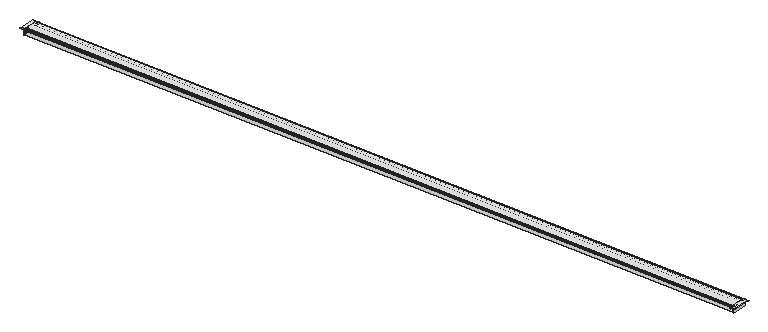
Revit family "RS2811 updated", category Lighting Fixtures, host Face, Revit 2020
Family settings
  Host = Face
  Round Connector Dimension = Use Diameter
  Part Type = Normal
  Cut with Voids When Loaded = No
  Light Source = No
  Shared = Yes
  Room Calculation Point = No
Parameters (values of type "419 lm per FT 4.4 W per FT - DFD3")
  Wattage Comments = "4.4W/FT"
  Warranty URL = "https://bllighting.com/terms-and-conditions/"
  W = 0.6700"
  Voltage = 24 V
  Version = "2020-v2.9"  # constant formula
  URL = "https://bllighting.com/"
  Support Phone = ""
  Support Email = ""
  Rdwn [instance] = rounddown(L1 / Increment)  # 25
  Profile Material = Alumnium Base Track
  Product Page URL = "https://bllighting.com/products/profile/rs2811"
  Product Name = Model  # "DFD3"
  Product Documentation Link = "https://bllighting.com/wp-content/uploads/RS2811-Specification.pdf"
  Power Source Type = "Driver"  # constant formula
  Power Factor = 1
  Phase = 1
  Operating Temperature = "Consult Manufacturer Website for more Information"  # constant formula
  Number of Poles = if(and(or(Voltage = 120 V, Voltage = 277 V), Phase = 1), 1, if(and(or(Voltage = 208 V, Voltage = 240 V), Phase = 1), 2, if(and(or(Voltage = 208 V, Voltage = 240 V), Phase = 3), 3, if(and(Voltage > 300 V, Phase = 1), 2, if(and(Voltage > 400 V, Phase = 3), 3, 1)))))  # 1
  Number of LED's = "146 Diodes/FT"
  No Of Source [instance] = rounddown(Actual Light Length / Increment)  # 25
  Mounting Method = "Surface Mount"  # constant formula
  Model = "DFD3"
  Max Input Current = "4A"
  Manufacturer Phone Number = "1-604-874-4405"  # constant formula
  Manufacturer Email = "info@bllighting.com"
  Manufacturer Address = "111 - 8838 Heatner St. Vancouver. BC, Canada. V6P 3S8"  # constant formula
  Manufacturer = "BL Lighting"  # constant formula
  Lumen Output = "419 lm/FT"
  Load Classification = Lighting
  Light Length [instance] = 50.0000"
  Lens Material = Polycarbonate Optic
  Lead 2 End Cap [instance] = 1 = 1  # yes
  Lead 1 End Cap [instance] = 1 = 1  # yes
  Lamp Life = "50,000 Hours"
  Lamp = ""
  LED strip = Strip
  LED finish = LED
  LED Tape Page URL = "https://bllighting.com/products/led-tape/dfd3"
  LED Tape Documentation link = "https://bllighting.com/wp-content/uploads/DFD3-Specification.pdf"
  L1 [instance] = if(Light Length < Increment, Increment, Light Length)  # 50.0000"
  Input Voltage = "24VDC"
  Initial Intensity Comments = "Refer LED Strip type for Lumen Value"  # constant formula
  Initial Color Comments = "Perfomance based on 3000K Photometric Web File"  # constant formula
  Increment = 1.9685"
  Housing Protection Rating = "Consult Manufacturer Website for more Information"  # constant formula
  Has Dimming = 1 = 1  # yes
  Has Battery Backup = 0 = 1  # no
  Frequency Comments = ""
  Frequency = 60 Hz
  Environment = "Indoor"  # constant formula
  Description = "Flexible, Linear LED Lighting"  # constant formula
  Default Elevation = 48.0000"
  DFRGBW 2 Watt [instance] = (4.57 W * Actual Light Length) / 12.0000"  # 18.7418 W
  DFRGBW 2 Lumens [instance] = 45 lm/W * DFRGBW 2 Watt  # 843.379 lm
  DFRGBW 2 = no
  DFD3 Watt [instance] = (4.4 W * Actual Light Length) / 12.0000"  # 18.0446 W
  DFD3 Lumens [instance] = 98 lm/W * DFD3 Watt  # 1768.37 lm
  DFD3 = yes
  DFD2 Watt [instance] = (2.44 W * Actual Light Length) / 12.0000"  # 10.0065 W
  DFD2 Lumens [instance] = 100 lm/W * DFD2 Watt  # 1000.65 lm
  DFD2 = no
  DFD1 Watt [instance] = (1.22 W * Actual Light Length) / 12.0000"  # 5.00327 W
  DFD1 Lumens [instance] = 92 lm/W * DFD1 Watt  # 460.301 lm
  DFD1 = no
  Current Amps = 50 A
  Copyright = "©BL INNOVATIVE LIGHTING"  # constant formula
  Color Option Available = "2400K,2700K,3000K,3500K,4000K"
  built-in parameter 1114216 [instance] = 0  # (empty or 0)
  built-in parameter 1140040 [instance] = 1 = 1  # 1
  CCT = "2400K,2700K,3000K,3500K,4000K"
  Apparent Load = 96 VA
  Actual No Of Source [instance] = if(No Of Source < 2, 2, No Of Source)  # 25
  Actual Light Length [instance] = Rdwn * Increment  # 49.2125"
Reference planes (in)
  plane 1 "Center (Front/Back)": y = 0
  plane 2: z = 0
  plane 3 "Center (Left/Right)": x = 0
  plane 4: x = 49.2125
  plane 5: x = 1.9685
  plane 6: x = 24.60625
  plane 7: x = 22.6499
  plane 8: x = 26.5626
  plane 9: x = 23.10625
  plane 10: x = 26.10625
  plane 11: x = 8
  plane 12: x = 11
  plane 13: x = 41.2125
  plane 14: x = 38.2125
  plane 15: y = 0.4626
  plane 16: y = -0.4626
Forms (in)
  Sweep 1, solid, material "Alumnium Base Track" <- "Profile Material"
    path origin (0, -18.35094, -0.17064) x (1, 0, 0) y (0, 1, 0)
      loop
        line (0, 18.35094) -> (49.2125, 18.35094)
    profile origin (24.60625, 0, -0.17064) x (0, 1, 0) y (0, 0, 1)
      loop
        line (0, -0.25062) -> (0.4626, -0.25062) -> (0.4626, 0)
        arc (0.4626, 0) -> (0.45365, 0.02408) -> (0.4626, 0.04815) r 0.03685
        line (0.4626, 0.04815) -> (0.4626, 0.09217)
        arc (0.4626, 0.09217) -> (0.46868, 0.10685) -> (0.48337, 0.11293) r 0.02077
        line (0.48337, 0.11293) -> (0.53845, 0.11293)
        arc (0.53845, 0.11293) -> (0.55503, 0.12952) -> (0.53845, 0.14611) r 0.01659
        line (0.53845, 0.14611) -> (0.46751, 0.15357)
        arc (0.46751, 0.15357) -> (0.4504, 0.15504) -> (0.43632, 0.14521) r 0.0252
        arc (0.43632, 0.14521) -> (0.42146, 0.12056) -> (0.3937, 0.11293) r 0.0388
        line (0.3937, 0.11293) -> (0.3937, 0.0492)
        arc (0.3937, 0.0492) -> (0.41232, 0.01712) -> (0.3937, -0.01496) r 0.03695
        line (0.3937, -0.01496) -> (0.3937, -0.08105)
        arc (0.3937, -0.08105) -> (0.41562, -0.11137) -> (0.3937, -0.1417) r 0.03194
        line (0.3937, -0.1417) -> (0.3937, -0.20736) -> (0, -0.20736) -> (-0.3937, -0.20736) -> (-0.3937, -0.1417)
        arc (-0.3937, -0.1417) -> (-0.41562, -0.11137) -> (-0.3937, -0.08105) r 0.03194
        line (-0.3937, -0.08105) -> (-0.3937, -0.01496)
        arc (-0.3937, -0.01496) -> (-0.41232, 0.01712) -> (-0.3937, 0.0492) r 0.03695
        line (-0.3937, 0.0492) -> (-0.3937, 0.11293)
        arc (-0.3937, 0.11293) -> (-0.42146, 0.12056) -> (-0.43632, 0.14521) r 0.0388
        arc (-0.43632, 0.14521) -> (-0.4504, 0.15504) -> (-0.46751, 0.15357) r 0.0252
        line (-0.46751, 0.15357) -> (-0.53845, 0.14611)
        arc (-0.53845, 0.14611) -> (-0.55503, 0.12952) -> (-0.53845, 0.11293) r 0.01659
        line (-0.53845, 0.11293) -> (-0.48337, 0.11293)
        arc (-0.48337, 0.11293) -> (-0.46868, 0.10685) -> (-0.4626, 0.09217) r 0.02077
        line (-0.4626, 0.09217) -> (-0.4626, 0.04815)
        arc (-0.4626, 0.04815) -> (-0.45365, 0.02408) -> (-0.4626, 0) r 0.03685
        line (-0.4626, 0) -> (-0.4626, -0.25062) -> (0, -0.25062)
  Sweep 2, solid, material "Polycarbonate Optic" <- "Lens Material"
    path origin (0, -18.35094, 0.22825) x (1, 0, 0) y (0, 1, 0)
      loop
        line (0, 18.35094) -> (49.2125, 18.35094)
    profile origin (24.60625, 0, 0.22825) x (0, 1, 0) y (0, 0, 1)
      loop
        line (0.35183, -0.30448) -> (0.35183, -0.42372)
        arc (0.35183, -0.42372) -> (0.37348, -0.42191) -> (0.3937, -0.41397) r 0.0751
        arc (0.3937, -0.41397) -> (0.41232, -0.38189) -> (0.3937, -0.34981) r 0.03695
        line (0.3937, -0.34981) -> (0.3937, -0.28608)
        arc (0.3937, -0.28608) -> (0.4137, -0.28302) -> (0.42943, -0.27032) r 0.0388
        arc (0.42943, -0.27032) -> (0.43106, -0.25355) -> (0.4172, -0.24396) r 0.01663
        arc (0.4172, -0.24396) -> (0, -0.22837) -> (-0.41723, -0.24325) r 5.71958
        arc (-0.41723, -0.24325) -> (-0.43106, -0.25354) -> (-0.42943, -0.27032) r 0.01663
        arc (-0.42943, -0.27032) -> (-0.4137, -0.28302) -> (-0.3937, -0.28608) r 0.0388
        line (-0.3937, -0.28608) -> (-0.3937, -0.34981)
        arc (-0.3937, -0.34981) -> (-0.41232, -0.38189) -> (-0.3937, -0.41397) r 0.03695
        arc (-0.3937, -0.41397) -> (-0.37348, -0.42191) -> (-0.35183, -0.42372) r 0.0751
        line (-0.35183, -0.42372) -> (-0.35183, -0.30448)
        arc (-0.35183, -0.30448) -> (-0.34388, -0.28469) -> (-0.32444, -0.27591) r 0.0286
        arc (-0.32444, -0.27591) -> (0.00001, -0.26878) -> (0.32447, -0.27591) r 7.53991
        arc (0.32447, -0.27591) -> (0.34388, -0.2847) -> (0.35183, -0.30448) r 0.0286
  Extrusion 3, void
    sketch origin (0, 0, 0) x (1, 0, 0) y (0, 1, 0)
      loop
        line (-0.27559, 0.56097) -> (-0.27559, -0.56223) -> (49.48809, -0.56223) -> (49.48809, 0.56097) -> (-0.27559, 0.56097)
    from -0.42126 to 0
Dimensions and locks (in)
  "Actual Light Length": plane 3 "Center (Left/Right)" to plane 4
  "Increment": plane 3 "Center (Left/Right)" to plane 5
  equal spacing: plane 3 "Center (Left/Right)", plane 6, plane 4
  equal spacing: plane 7, plane 6, plane 8
  locked: plane 9 to plane 6 at 1.5
  locked: plane 6 to plane 10 at 1.5
  locked: plane 11 to plane 3 "Center (Left/Right)" at 8
  plane 12 to plane 11 = 3.0000"
  locked: plane 4 to plane 13 at 8
  locked: plane 14 to plane 13 at 3
  locked: plane 15 to plane 16 at 0.9252
  aligned and locked: host face to plane 2
  aligned and locked: plane 3 "Center (Left/Right)" to Sweep 1 sketch curve
  aligned and locked: plane 4 to Sweep 1 sketch curve
  aligned and locked: plane 4 to Sweep 2 sketch curve
  aligned and locked: plane 3 "Center (Left/Right)" to Sweep 2 sketch curve
  aligned and locked: level to host face
  aligned and locked: plane 4 to nested 2
  aligned and locked: plane 2 to nested 1
  aligned and locked: nested 2 to plane 2
  aligned and locked: Sweep 1 to nested 1
  aligned and locked: Extrusion 3 to Sweep 1
  aligned and locked: plane 3 "Center (Left/Right)" to nested 3
  aligned and locked: nested 3 to plane 1 "Center (Front/Back)"
  aligned and locked: nested 3 to Sweep 1
  aligned and locked: plane 3 "Center (Left/Right)" to nested 4
  aligned and locked: nested 4 to plane 1 "Center (Front/Back)"
  aligned and locked: nested 4 to Sweep 1
  aligned and locked: plane 1 "Center (Front/Back)" to nested 5
  aligned and locked: plane 3 "Center (Left/Right)" to nested 6
  aligned and locked: nested 6 to plane 1 "Center (Front/Back)"
  aligned and locked: plane 1 "Center (Front/Back)" to nested 7
  aligned and locked: nested 8 to plane 1 "Center (Front/Back)"
  aligned and locked: nested 8 to Sweep 1
  aligned and locked: nested 6 to Sweep 1
  aligned and locked: plane 1 "Center (Front/Back)" to nested 9
  aligned and locked: level to Extrusion 3
  aligned and locked: Extrusion 3 sketch curve to nested 1
  aligned and locked: Extrusion 3 sketch curve to nested 2
  aligned and locked: plane 1 "Center (Front/Back)" to nested 10
Automatic sketch dimensions
  host sketch curve to host sketch curve = 138.68247"
  host sketch curve to host sketch curve = 96.0000"
  plane 1 "Center (Front/Back)" to Sweep 1 sketch curve = 0.0000"
  plane 1 "Center (Front/Back)" to Sweep 2 sketch curve = 0.0000"
  Sweep 1 sketch curve to profile plane = 0.0000"  (x4)
  profile plane to Sweep 1 sketch curve = 0.01712"  (x2)
  profile plane to Sweep 1 sketch curve = 0.37538"
  Sweep 1 sketch curve to Sweep 1 sketch curve = 0.0083"  (x2)
  Sweep 1 sketch curve to Sweep 1 sketch curve = 0.01832"  (x3)
  Sweep 1 sketch curve to Sweep 1 sketch curve = 0.01003"  (x3)
  Sweep 1 sketch curve to Sweep 1 sketch curve = 0.00433"  (x2)
  Sweep 1 sketch curve to Sweep 1 sketch curve = 0.05889"  (x2)
  Sweep 1 sketch curve to Sweep 1 sketch curve = 0.0689"  (x2)
  Sweep 1 sketch curve to Sweep 1 sketch curve = 0.0000"  (x2)
  Sweep 1 sketch curve to Sweep 1 sketch curve = 0.02077"  (x2)
  Sweep 1 sketch curve to Sweep 1 sketch curve = 0.0279"  (x2)
  profile plane to Sweep 1 sketch curve = 0.14611"
  Sweep 1 sketch curve to Sweep 1 sketch curve = 0.05508"  (x2)
  Sweep 1 sketch curve to profile plane = 0.37538"
  Sweep 1 sketch curve to profile plane = 0.01496"  (x2)
  Sweep 1 sketch curve to Sweep 1 sketch curve = 0.06609"
  Sweep 1 sketch curve to profile plane = 0.08105"
  Sweep 1 sketch curve to Sweep 1 sketch curve = 0.03033"  (x2)
  Sweep 1 sketch curve to Sweep 1 sketch curve = 0.06566"
  Sweep 1 sketch curve to Sweep 1 sketch curve = 0.04325"
  profile plane to Sweep 1 sketch curve = 0.02408"  (x2)
  Sweep 1 sketch curve to Sweep 1 sketch curve = 0.04401"  (x2)
  Sweep 1 sketch curve to Sweep 1 sketch curve = 0.06373"  (x2)
  Sweep 1 sketch curve to Sweep 1 sketch curve = 0.01659"
  Sweep 1 sketch curve to Sweep 1 sketch curve = 0.01777"  (x2)
  Sweep 1 sketch curve to Sweep 1 sketch curve = 0.03856"  (x2)
  Sweep 1 sketch curve to Sweep 1 sketch curve = 0.0206"  (x2)
  profile plane to Sweep 1 sketch curve = 0.15357"
  Sweep 1 sketch curve to Sweep 1 sketch curve = 0.01059"
  profile plane to Sweep 2 sketch curve = 0.41598"
  Sweep 2 sketch curve to Sweep 2 sketch curve = 0.01794"  (x2)
  Sweep 2 sketch curve to Sweep 2 sketch curve = 0.02228"
  Sweep 2 sketch curve to Sweep 2 sketch curve = 0.01832"
  Sweep 2 sketch curve to Sweep 2 sketch curve = 0.03725"
  Sweep 2 sketch curve to Sweep 2 sketch curve = 0.02355"
  Sweep 2 sketch curve to Sweep 2 sketch curve = 0.0286"  (x2)
  profile plane to Sweep 2 sketch curve = 0.00488"
  profile plane to Sweep 2 sketch curve = 0.00339"
  Sweep 2 sketch curve to profile plane = 0.32322"
  Sweep 2 sketch curve to Sweep 2 sketch curve = 0.00463"
  Sweep 2 sketch curve to Sweep 2 sketch curve = 0.01893"
  Sweep 2 sketch curve to Sweep 2 sketch curve = 0.04187"
  Sweep 2 sketch curve to Sweep 2 sketch curve = 0.00433"
  Sweep 2 sketch curve to profile plane = 7.80869"
  Sweep 2 sketch curve to Sweep 2 sketch curve = 1.86074"
  Sweep 2 sketch curve to profile plane = 0.42372"  (x2)
  Sweep 2 sketch curve to Sweep 2 sketch curve = 0.04183"  (x2)
  Sweep 2 sketch curve to Sweep 2 sketch curve = 0.03208"  (x2)
  Sweep 2 sketch curve to Sweep 2 sketch curve = 0.00105"  (x2)
  Sweep 2 sketch curve to Sweep 2 sketch curve = 0.04427"  (x2)
  Sweep 2 sketch curve to Sweep 2 sketch curve = 0.0184"  (x2)
  Sweep 2 sketch curve to Sweep 2 sketch curve = 0.02553"
  Sweep 2 sketch curve to Sweep 2 sketch curve = 0.01303"  (x2)
  Sweep 2 sketch curve to Sweep 2 sketch curve = 0.0012"
  Sweep 2 sketch curve to Sweep 2 sketch curve = 0.00005"
  Sweep 2 sketch curve to Sweep 2 sketch curve = 0.01221"
  Sweep 2 sketch curve to Sweep 2 sketch curve = 0.00123"  (x2)
  Sweep 2 sketch curve to Sweep 2 sketch curve = 0.00001"
  Sweep 2 sketch curve to Sweep 2 sketch curve = 0.0000"  (x3)
  Extrusion 3 sketch curve to plane 16 = 0.09963"
  plane 15 to Extrusion 3 sketch curve = 0.09837"
Nested families (in)
  nested 1: "LEFT END CAP" at (-0.07087, 0, -0.42126), Profile Material <- "Profile Material", visible <- "Lead 1 End Cap", type "LEFT END CAP"
    with Profile Material Alumnium Base Track
  nested 2: "LEFT END CAP" at (49.28337, 0, -0.42126) x (-1, 0, 0) z (0, 0, 1), Profile Material <- "Profile Material", visible <- "Lead 2 End Cap", type "LEFT END CAP"
    with Profile Material Alumnium Base Track
  nested 3: "DFD1_3000K" at (0, -18.35094, -0.37801), visible <- "DFD1", Light Length <- "Light Length", type "DFD1_3000K"
    with Watt 5.00327 W, Rdwn 25, No of Source 25, Lumens 460.301 lm, Light source Placement 24.60625", Light Length 50.0000", L1 50.0000", DFD1_1 no, DFD1 yes, Cutting Increment 1.9685", Actual No Of Source 25, Actual Light Length 49.2125"
  nested 4: "DFD2_3000K" at (0, -18.35094, -0.37801), visible <- "DFD2", Light Length <- "Light Length", type "DFD2_3000K"
    with Watt 10.0065 W, Rdwn 25, No of Source 25, Lumens 1000.65 lm, Light source Placement 24.60625", Light Length 50.0000", L1 50.0000", DFD2_1 no, DFD2 yes, Cutting Increment 1.9685", Actual No Of Source 25, Actual Light Length 49.2125"
  nested 5: "Dot Free D2 3000K LED Tape" at (1.125, 0, 0.03125), visible <- "DFD2", Length <- "Actual Light Length", No of Source <- "No Of Source", Source Size <- "Increment", type "Dot Free D2 3000K LED Tape"
    with Source Size 1.9685", No of Source 25, Length 49.2125", DFD2_1 no, DFD2 yes, Actual No Of Source 25
  nested 6: "DFD3_3000K" at (0, -18.35094, -0.37801), visible <- "DFD3", Light Length <- "Light Length", type "DFD3"
    with Watt 18.0446 W, Rdwn 25, No of Source 25, Lumens 1768.37 lm, Light source Placement 24.60625", Light Length 50.0000", L1 50.0000", Cutting Increment 1.9685", BL flexFORM Dot-Free D3_1 no, BL flexFORM Dot-Free D3 yes, Actual No Of Source 25, Actual Light Length 49.2125"
  nested 7: "Dot Free D3 3000K LED Tape" at (0.93875, 0, 0.03125), visible <- "DFD3", Length <- "Actual Light Length", No of Source <- "No Of Source", Source Size <- "Increment", type "Dot Free D3 3000K LED Tape"
    with Source Size 1.9685", No of Source 25, Length 49.2125", DFD3_1 no, DFD3 yes, Actual No Of Source 25
  nested 8: "DFRGBW 2" at (0, -18.35094, -0.37801), visible <- "DFRGBW 2", Light Length <- "Light Length", type "DFRGBW 2"
    with Watt 18.7341 W, Rdwn 15, No of Source 15, Lumens 843.036 lm, Light source Placement 24.59625", Light Length 50.0000", L1 50.0000", DFRGBW 2_1 no, DFRGBW 2 yes, Cutting Increment 3.2795", Actual No Of Source 15, Actual Light Length 49.1925"
  nested 9: "DFRGBW 2 3000K LED Tape" at (1.125, 0, -0.03125), visible <- "DFRGBW 2", Length <- "Actual Light Length", No of Source <- "No Of Source", Source Size <- "Increment", type "DFRGBW 2 3000K LED Tape"
    with Source Size 1.9685", No of Source 25, Length 49.2125", DFD3_1 no, DFD3 yes, Actual No Of Source 25
  nested 10: "DFD1 3000K LED Tape" at (-0.22169, 0, 0), visible <- "DFD1", Length <- "Actual Light Length", No of Source <- "No Of Source", Source Size <- "Increment", type "DFD1 2700 K"
    with Source Size 1.9685", No of Source 25, Length 49.2125", DFD2_1 no, DFD2 yes, Actual No Of Source 25
Connectors (in)
  electrical at (0, 0, -0.42126), driven by "Load Classification", driven by "Voltage", driven by "Apparent Load", driven by "Power Factor"
    settings: on Sweep 1, index 1, voltage 24 V, apparent load 96 VA, apparent load phase1 0 VA, apparent load phase2 0 VA, apparent load phase3 0 VA, power factor 1, load classification "Lighting", number of poles 1, system type 30, power factor state 1, is connector primary yes, connector utility no, sub classification motor no, connector description ""
Definition of nested family "LEFT END CAP"
  Parameters (values of type "LEFT END CAP")
    Profile Material [instance] = none
    Default Elevation = 0.0000"
  Reference planes (in)
    plane 1 "Center (Front/Back)": y = 0
    plane 2: z = 0
    plane 3 "Center (Left/Right)": x = 0
    plane 4: x = 0.07087
    plane 5: y = 0.4626
    plane 6: y = -0.4626
    plane 7: z = 0.42126
    plane 8: x = -0.20472
    plane 9: x = 0.34646
  Forms (in)
    Extrusion 1, solid, material <- "Profile Material"
      sketch origin (0, 0, 0) x (0, 1, 0) y (0, 0, 1)
        loop
          line (0, 0) -> (0.4626, 0) -> (0.4626, 0.25695)
          arc (0.4626, 0.25695) -> (0.45232, 0.27896) -> (0.4626, 0.30096) r 0.0287
          line (0.4626, 0.30096) -> (0.4626, 0.36272) -> (0, 0.36272) -> (-0.4626, 0.36272) -> (-0.4626, 0.30096)
          arc (-0.4626, 0.30096) -> (-0.45232, 0.27896) -> (-0.4626, 0.25695) r 0.0287
          line (-0.4626, 0.25695) -> (-0.4626, 0) -> (0, 0)
        loop
          line (0.03171, 0.23064) -> (0, 0.23064) -> (-0.03171, 0.23064)
          arc (-0.03171, 0.23064) -> (-0.09704, 0.16531) -> (-0.03171, 0.09998) r 0.06533
          line (-0.03171, 0.09998) -> (0, 0.09998) -> (0.03171, 0.09998)
          arc (0.03171, 0.09998) -> (0.09704, 0.16531) -> (0.03171, 0.23064) r 0.06533
      from 0 to 0.07087
    Extrusion 2, solid, material <- "Profile Material"
      sketch origin (0, 0, 0) x (0, 1, 0) y (0, 0, 1)
        loop
          line (0, 0.36272) -> (0.54352, 0.36272)
          arc (0.54352, 0.36272) -> (0.552, 0.37631) -> (0.54805, 0.39184) r 0.02039
          arc (0.54805, 0.39184) -> (0, 0.42126) -> (-0.54805, 0.39184) r 5.11889
          arc (-0.54805, 0.39184) -> (-0.552, 0.37631) -> (-0.54352, 0.36272) r 0.02039
          line (-0.54352, 0.36272) -> (0, 0.36272)
      from 0.07087 to -0.20472
    Extrusion 3, solid, material <- "Profile Material"
      sketch origin (0, 0, 0) x (0, 1, 0) y (0, 0, 1)
        loop
          line (0.3459, 0.20423) -> (0.3459, 0.08256) -> (0.39466, 0.08256) -> (0.39466, 0.11693)
          arc (0.39466, 0.11693) -> (0.41338, 0.14339) -> (0.39466, 0.16986) r 0.02808
          line (0.39466, 0.16986) -> (0.39466, 0.20423) -> (0.3459, 0.20423)
        loop
          line (-0.3459, 0.20423) -> (-0.39466, 0.20423) -> (-0.39466, 0.16986)
          arc (-0.39466, 0.16986) -> (-0.41338, 0.14339) -> (-0.39466, 0.11693) r 0.02808
          line (-0.39466, 0.11693) -> (-0.39466, 0.08256) -> (-0.3459, 0.08256) -> (-0.3459, 0.20423)
      from 0.07087 to 0.34646
  Dimensions and locks (in)
    locked: plane 3 "Center (Left/Right)" to plane 4 at 0.07087
    locked: plane 5 to plane 6 at 0.9252
    locked: plane 7 to plane 2 at 0.42126
    locked: plane 8 to plane 4 at 0.27559
    locked: plane 4 to plane 9 at 0.27559
    aligned and locked: plane 2 to level
    aligned and locked: plane 4 to Extrusion 2
    aligned and locked: Extrusion 2 to plane 8
    aligned and locked: plane 9 to Extrusion 3
    aligned and locked: Extrusion 3 to plane 4
Definition of nested family "DFD1_3000K"
  Parameters (values of type "DFD1_3000K")
    Wattage Comments = "1.22 W/FT"
    Watt [instance] = (1.22 W * Actual Light Length) / 12.0000"  # 2.40157 W
    Warranty URL = "https://bllighting.com/terms-and-conditions/"
    Voltage Comments = ""
    Version = "2020-v2.9"  # constant formula
    URL = "https://bllighting.com/"
    Support Email = "mailto:info@canvascom.com"
    Strip = none
    Rdwn [instance] = rounddown(L1 / Cutting Increment)  # 12
    Product Page URL = "https://bllighting.com/our-products/bl-flexform-dot-free-d2/#BL%20flexFORM%20Dot-Free%20D2++%23BL%20flexFORM%20Dot-Free%20D2++"
    Product Name = "BL flexFORM Dot-Free D1"  # constant formula
    Product Documentation Link = "https://bllighting.com/wp-content/uploads/DFD2-Specification.pdf"
    No of Source [instance] = rounddown(Actual Light Length / Cutting Increment)  # 12
    Model = "BL flexFORM Dot-Free D1"
    Manufacturer Phone Number = "1-604-874-4405"  # constant formula
    Manufacturer Email = "info@bllighting.com"
    Manufacturer Address = "111 - 8838 Heatner St. Vancouver. BC, Canada. V6P 3S8"  # constant formula
    Manufacturer = "BL Lighting"  # constant formula
    Lumens [instance] = 92 lm/W * Watt  # 220.944 lm
    Lumen Output = "112 lm/FT"
    Light source Placement [instance] = Actual Light Length / 2  # 11.8110"
    Light Length [instance] = 24.0000"
    Lens Material = none
    Lamp Life = "50,000 Hours"
    Lamp = ""
    LED = none
    L1 [instance] = if(Light Length < Cutting Increment, Cutting Increment, Light Length)  # 24.0000"
    Initial Color Option Available = ""
    Finish = none
    Description = "Flexible,Linear LED Strip Lighting"  # constant formula
    Default Elevation = 48.0000"
    DFD1_1 [instance] = not(DFD1)  # no
    DFD1 [instance] = if(No of Source < 2, 1 = 0, 1 = 1)  # yes
    D = 0.07812"
    Cutting Increment [instance] = 1.9685"  # constant formula
    Copyright = "©BL INNOVATIVE LIGHTING"  # constant formula
    Actual No Of Source [instance] = if(No of Source < 2, 2, No of Source)  # 12
    Actual Light Length [instance] = Rdwn * Cutting Increment  # 23.6220"
    A = 0.3900"
  Reference planes (in)
    plane 1 "Center (Front/Back)": y = 0
    plane 2: z = 0
    plane 3 "Center (Left/Right)": x = 0
    plane 4: x = 23.622
    plane 5: y = 18.35094
    plane 6: x = 11.811
    plane 7: z = -0.33465
    plane 8: y = 18.54594
    plane 9: y = 18.15594
    plane 10: x = 1.9685
    plane 11: z = 0.07813
  Dimensions and locks (in)
    "Actual Light Length": plane 4 to plane 3 "Center (Left/Right)"
    "Actual Light Length": plane 3 "Center (Left/Right)" to plane 4
    plane 6 to plane 4 = 11.8110"
    "Light source Placement": plane 6 to plane 4
    locked: plane 1 "Center (Front/Back)" to plane 5 at 18.35094
    locked: level to plane 7 at 0.33465
    "A": plane 8 to plane 9
    equal spacing: plane 8, plane 5, plane 9
    "Cutting Increment": plane 3 "Center (Left/Right)" to plane 10
    locked: plane 10 to plane 3 "Center (Left/Right)" at 1.97
    "D": plane 11 to plane 2
    equal spacing: group 1, group 2, group 3, group 4, group 5, group 6, group 7, group 8, group 9, group 10, group 11, group 12  (x3)
    aligned and locked: level to plane 2
    aligned and locked: plane 3 "Center (Left/Right)" to nested 1
    aligned and locked: nested 1 to plane 2
    aligned and locked: nested 1 to plane 5
    aligned and locked: nested 2 to plane 5
    aligned and locked: plane 3 "Center (Left/Right)" to nested 2
    aligned and locked: nested 2 to plane 2
    aligned and locked: plane 10 to nested 3
    aligned and locked: nested 3 to plane 5
  Nested families (in)
    nested 1: "Increment strip 5" at (0, 18.35094, 0), LED <- "LED", Strip <- "Strip", Height <- "D", Increment <- "Cutting Increment", Width <- "A", Strip Name <- "DFD1_1", visible <- "DFD1_1", type "Increment strip 5"
      with Width 0.3900", Strip Name no, Strip none, LED none, Increment 1.9685", Height 0.07812"
    nested 2: "Increment strip 5" at (0, 18.35094, 0), visible <- "DFD1", LED <- "LED", Strip <- "Strip", Height <- "D", Increment <- "Cutting Increment", Width <- "A", Strip Name <- "DFD1", type "Increment strip 5"
      with Width 0.3900", Strip Name yes, Strip none, LED none, Increment 1.9685", Height 0.07812"
    nested 3: "Increment strip 5" at (1.9685, 18.35094, 0), visible <- "DFD1", LED <- "LED", Strip <- "Strip", Height <- "D", Increment <- "Cutting Increment", Width <- "A", Strip Name <- "DFD1", type "Increment strip 5"
      with Width 0.3900", Strip Name yes, Strip none, LED none, Increment 1.9685", Height 0.07812"
    nested 4: "Increment strip 5" at (3.937, 18.35094, 0), visible <- "DFD1", LED <- "LED", Strip <- "Strip", Height <- "D", Increment <- "Cutting Increment", Width <- "A", Strip Name <- "DFD1", type "Increment strip 5"
      with Width 0.3900", Strip Name yes, Strip none, LED none, Increment 1.9685", Height 0.07812"
    nested 5: "Increment strip 5" at (5.9055, 18.35094, 0), visible <- "DFD1", LED <- "LED", Strip <- "Strip", Height <- "D", Increment <- "Cutting Increment", Width <- "A", Strip Name <- "DFD1", type "Increment strip 5"
      with Width 0.3900", Strip Name yes, Strip none, LED none, Increment 1.9685", Height 0.07812"
    nested 6: "Increment strip 5" at (7.874, 18.35094, 0), visible <- "DFD1", LED <- "LED", Strip <- "Strip", Height <- "D", Increment <- "Cutting Increment", Width <- "A", Strip Name <- "DFD1", type "Increment strip 5"
      with Width 0.3900", Strip Name yes, Strip none, LED none, Increment 1.9685", Height 0.07812"
    nested 7: "Increment strip 5" at (9.8425, 18.35094, 0), visible <- "DFD1", LED <- "LED", Strip <- "Strip", Height <- "D", Increment <- "Cutting Increment", Width <- "A", Strip Name <- "DFD1", type "Increment strip 5"
      with Width 0.3900", Strip Name yes, Strip none, LED none, Increment 1.9685", Height 0.07812"
    nested 8: "Increment strip 5" at (11.811, 18.35094, 0), visible <- "DFD1", LED <- "LED", Strip <- "Strip", Height <- "D", Increment <- "Cutting Increment", Width <- "A", Strip Name <- "DFD1", type "Increment strip 5"
      with Width 0.3900", Strip Name yes, Strip none, LED none, Increment 1.9685", Height 0.07812"
    nested 9: "Increment strip 5" at (13.7795, 18.35094, 0), visible <- "DFD1", LED <- "LED", Strip <- "Strip", Height <- "D", Increment <- "Cutting Increment", Width <- "A", Strip Name <- "DFD1", type "Increment strip 5"
      with Width 0.3900", Strip Name yes, Strip none, LED none, Increment 1.9685", Height 0.07812"
    nested 10: "Increment strip 5" at (15.748, 18.35094, 0), visible <- "DFD1", LED <- "LED", Strip <- "Strip", Height <- "D", Increment <- "Cutting Increment", Width <- "A", Strip Name <- "DFD1", type "Increment strip 5"
      with Width 0.3900", Strip Name yes, Strip none, LED none, Increment 1.9685", Height 0.07812"
    nested 11: "Increment strip 5" at (17.7165, 18.35094, 0), visible <- "DFD1", LED <- "LED", Strip <- "Strip", Height <- "D", Increment <- "Cutting Increment", Width <- "A", Strip Name <- "DFD1", type "Increment strip 5"
      with Width 0.3900", Strip Name yes, Strip none, LED none, Increment 1.9685", Height 0.07812"
    nested 12: "Increment strip 5" at (19.685, 18.35094, 0), visible <- "DFD1", LED <- "LED", Strip <- "Strip", Height <- "D", Increment <- "Cutting Increment", Width <- "A", Strip Name <- "DFD1", type "Increment strip 5"
      with Width 0.3900", Strip Name yes, Strip none, LED none, Increment 1.9685", Height 0.07812"
    nested 13: "Increment strip 5" at (21.6535, 18.35094, 0), visible <- "DFD1", LED <- "LED", Strip <- "Strip", Height <- "D", Increment <- "Cutting Increment", Width <- "A", Strip Name <- "DFD1", type "Increment strip 5"
      with Width 0.3900", Strip Name yes, Strip none, LED none, Increment 1.9685", Height 0.07812"
  Definition of nested family "Increment strip 5"
    Parameters (values of type "Increment strip 5")
      Width [instance] = 0.39062"
      Strip Name [instance] = yes
      Strip [instance] = none
      LED [instance] = none
      Increment [instance] = 1.96875"
      Height [instance] = 0.07812"
      Default Elevation = 0.0000"
    Reference planes (in)
      plane 1 "Center (Front/Back)": y = 0
      plane 2: z = 0
      plane 3 "Center (Left/Right)": x = 0
      plane 4: x = 1.96875
      plane 5: y = -0.19531
      plane 6: y = 0.19531
      plane 7: x = 0.15625
      plane 8: x = 1.78125
      plane 9: z = 0.07812
    Forms (in)
      Sweep 1, solid, material <- "Strip", visible <- "Strip Name"
        path origin (0, 0, 0) x (1, 0, 0) y (0, 1, 0)
          loop
            line (1.96875, 0) -> (0, 0)
        profile origin (0.98438, 0, 0) x (0, -1, 0) y (0, 0, 1)
          loop
            line (-0.19531, 0.03937) -> (-0.19531, 0) -> (0.19531, 0) -> (0.19531, 0.03937) -> (-0.19531, 0.03937)
      Extrusion 2, solid, material <- "LED", visible <- "Strip Name"
        sketch origin (0, 0, 0.247) x (1, 0, 0) y (0, 1, 0)
          loop
            line (0, 0.11457) -> (0, -0.11457) -> (1.96875, -0.11457) -> (1.96875, 0.11457) -> (0, 0.11457)
        from -0.20763 to -0.16887
    Dimensions and locks (in)
      "Increment": plane 3 "Center (Left/Right)" to plane 4
      equal spacing: plane 5, plane 1 "Center (Front/Back)", plane 6
      "Width": plane 5 to plane 6
      equal spacing: Extrusion 2, plane 1 "Center (Front/Back)", Extrusion 2
      "Height": plane 9 to plane 2
      aligned and locked: plane 2 to level
      aligned and locked: Sweep 1 sketch curve to plane 1 "Center (Front/Back)"
      aligned and locked: plane 3 "Center (Left/Right)" to Sweep 1 sketch curve
      aligned and locked: plane 4 to Sweep 1 sketch curve
      aligned and locked: plane 6 to Sweep 1 sketch curve
      aligned and locked: Sweep 1 sketch curve to plane 5
      aligned and locked: Extrusion 2 to Sweep 1
      aligned and locked: Extrusion 2 to plane 9
    Automatic sketch dimensions
      level to Sweep 1 sketch curve = 0.03937"
      Sweep 1 sketch curve to level = 0.0000"
      Extrusion 2 sketch curve to plane 3 "Center (Left/Right)" = 0.0000"
      Extrusion 2 sketch curve to plane 4 = 0.0000"
      plane 1 "Center (Front/Back)" to Extrusion 2 sketch curve = 0.11457"
      Extrusion 2 sketch curve to plane 1 "Center (Front/Back)" = 0.11457"
Definition of nested family "DFD2_3000K"
  Parameters (values of type "DFD2_3000K")
    Wattage Comments = "2.44 W/FT"
    Watt [instance] = (2.44 W * Actual Light Length) / 12.0000"  # 4.80314 W
    Warranty URL = "https://bllighting.com/terms-and-conditions/"
    Voltage Comments = ""
    Version = "2020-v2.9"  # constant formula
    URL = "https://bllighting.com/"
    Strip = none
    Rdwn [instance] = rounddown(L1 / Cutting Increment)  # 12
    Product Page URL = "https://bllighting.com/our-products/bl-flexform-dot-free-d2/#BL%20flexFORM%20Dot-Free%20D2++%23BL%20flexFORM%20Dot-Free%20D2++"
    Product Name = "BL flexFORM Dot-Free D2"  # constant formula
    Product Documentation Link = "https://bllighting.com/wp-content/uploads/DFD2-Specification.pdf"
    No of Source [instance] = rounddown(Actual Light Length / Cutting Increment)  # 12
    Model = "BL flexFORM Dot-Free D2"
    Manufacturer Phone Number = "1-604-874-4405"  # constant formula
    Manufacturer Email = "info@bllighting.com"
    Manufacturer Address = "111 - 8838 Heatner St. Vancouver. BC, Canada. V6P 3S8"  # constant formula
    Manufacturer = "BL Lighting"  # constant formula
    Lumens [instance] = 100 lm/W * Watt  # 480.314 lm
    Lumen Output = "258 lm/FT"
    Light source Placement [instance] = Actual Light Length / 2  # 11.8110"
    Light Length [instance] = 24.0000"
    Lens Material = none
    Lamp Life = "50,000 Hours"
    Lamp = ""
    LED = none
    L1 [instance] = if(Light Length < Cutting Increment, Cutting Increment, Light Length)  # 24.0000"
    Initial Color Option Available = ""
    Finish = none
    Description = "Flexible,Linear LED Strip Lighting"  # constant formula
    Default Elevation = 48.0000"
    DFD2_1 [instance] = not(DFD2)  # no
    DFD2 [instance] = if(No of Source < 2, 1 = 0, 1 = 1)  # yes
    D = 0.07812"
    Cutting Increment [instance] = 1.9685"  # constant formula
    Copyright = "©BL INNOVATIVE LIGHTING"  # constant formula
    Actual No Of Source [instance] = if(No of Source < 2, 2, No of Source)  # 12
    Actual Light Length [instance] = Rdwn * Cutting Increment  # 23.6220"
    A = 0.3900"
  Reference planes (in)
    plane 1 "Center (Front/Back)": y = 0
    plane 2: z = 0
    plane 3 "Center (Left/Right)": x = 0
    plane 4: x = 23.622
    plane 5: y = 18.35094
    plane 6: x = 11.811
    plane 7: z = -0.33465
    plane 8: y = 18.54594
    plane 9: y = 18.15594
    plane 10: x = 1.9685
    plane 11: z = 0.07813
  Dimensions and locks (in)
    "Actual Light Length": plane 4 to plane 3 "Center (Left/Right)"
    "Actual Light Length": plane 3 "Center (Left/Right)" to plane 4
    plane 6 to plane 4 = 11.8110"
    "Light source Placement": plane 6 to plane 4
    locked: plane 1 "Center (Front/Back)" to plane 5 at 18.35094
    locked: level to plane 7 at 0.33465
    "A": plane 8 to plane 9
    equal spacing: plane 8, plane 5, plane 9
    "Cutting Increment": plane 3 "Center (Left/Right)" to plane 10
    locked: plane 10 to plane 3 "Center (Left/Right)" at 1.97
    "D": plane 11 to plane 2
    equal spacing: group 1, group 2, group 3, group 4, group 5, group 6, group 7, group 8, group 9, group 10, group 11, group 12  (x3)
    aligned and locked: level to plane 2
    aligned and locked: plane 3 "Center (Left/Right)" to nested 1
    aligned and locked: nested 1 to plane 2
    aligned and locked: nested 1 to plane 5
    aligned and locked: nested 2 to plane 5
    aligned and locked: plane 3 "Center (Left/Right)" to nested 2
    aligned and locked: nested 2 to plane 2
    aligned and locked: plane 10 to nested 3
    aligned and locked: nested 3 to plane 5
  Nested families (in)
    nested 1: "Increment strip 5" at (0, 18.35094, 0), LED <- "LED", Strip <- "Strip", Height <- "D", Increment <- "Cutting Increment", Width <- "A", Strip Name <- "DFD2_1", visible <- "DFD2_1", type "Increment strip 5"
      with Width 0.3900", Strip Name no, Strip none, LED none, Increment 1.9685", Height 0.07812"
    nested 2: "Increment strip 5" at (0, 18.35094, 0), visible <- "DFD2", LED <- "LED", Strip <- "Strip", Height <- "D", Increment <- "Cutting Increment", Width <- "A", Strip Name <- "DFD2", type "Increment strip 5"
      with Width 0.3900", Strip Name yes, Strip none, LED none, Increment 1.9685", Height 0.07812"
    nested 3: "Increment strip 5" at (1.9685, 18.35094, 0), visible <- "DFD2", LED <- "LED", Strip <- "Strip", Height <- "D", Increment <- "Cutting Increment", Width <- "A", Strip Name <- "DFD2", type "Increment strip 5"
      with Width 0.3900", Strip Name yes, Strip none, LED none, Increment 1.9685", Height 0.07812"
    nested 4: "Increment strip 5" at (3.937, 18.35094, 0), visible <- "DFD2", LED <- "LED", Strip <- "Strip", Height <- "D", Increment <- "Cutting Increment", Width <- "A", Strip Name <- "DFD2", type "Increment strip 5"
      with Width 0.3900", Strip Name yes, Strip none, LED none, Increment 1.9685", Height 0.07812"
    nested 5: "Increment strip 5" at (5.9055, 18.35094, 0), visible <- "DFD2", LED <- "LED", Strip <- "Strip", Height <- "D", Increment <- "Cutting Increment", Width <- "A", Strip Name <- "DFD2", type "Increment strip 5"
      with Width 0.3900", Strip Name yes, Strip none, LED none, Increment 1.9685", Height 0.07812"
    nested 6: "Increment strip 5" at (7.874, 18.35094, 0), visible <- "DFD2", LED <- "LED", Strip <- "Strip", Height <- "D", Increment <- "Cutting Increment", Width <- "A", Strip Name <- "DFD2", type "Increment strip 5"
      with Width 0.3900", Strip Name yes, Strip none, LED none, Increment 1.9685", Height 0.07812"
    nested 7: "Increment strip 5" at (9.8425, 18.35094, 0), visible <- "DFD2", LED <- "LED", Strip <- "Strip", Height <- "D", Increment <- "Cutting Increment", Width <- "A", Strip Name <- "DFD2", type "Increment strip 5"
      with Width 0.3900", Strip Name yes, Strip none, LED none, Increment 1.9685", Height 0.07812"
    nested 8: "Increment strip 5" at (11.811, 18.35094, 0), visible <- "DFD2", LED <- "LED", Strip <- "Strip", Height <- "D", Increment <- "Cutting Increment", Width <- "A", Strip Name <- "DFD2", type "Increment strip 5"
      with Width 0.3900", Strip Name yes, Strip none, LED none, Increment 1.9685", Height 0.07812"
    nested 9: "Increment strip 5" at (13.7795, 18.35094, 0), visible <- "DFD2", LED <- "LED", Strip <- "Strip", Height <- "D", Increment <- "Cutting Increment", Width <- "A", Strip Name <- "DFD2", type "Increment strip 5"
      with Width 0.3900", Strip Name yes, Strip none, LED none, Increment 1.9685", Height 0.07812"
    nested 10: "Increment strip 5" at (15.748, 18.35094, 0), visible <- "DFD2", LED <- "LED", Strip <- "Strip", Height <- "D", Increment <- "Cutting Increment", Width <- "A", Strip Name <- "DFD2", type "Increment strip 5"
      with Width 0.3900", Strip Name yes, Strip none, LED none, Increment 1.9685", Height 0.07812"
    nested 11: "Increment strip 5" at (17.7165, 18.35094, 0), visible <- "DFD2", LED <- "LED", Strip <- "Strip", Height <- "D", Increment <- "Cutting Increment", Width <- "A", Strip Name <- "DFD2", type "Increment strip 5"
      with Width 0.3900", Strip Name yes, Strip none, LED none, Increment 1.9685", Height 0.07812"
    nested 12: "Increment strip 5" at (19.685, 18.35094, 0), visible <- "DFD2", LED <- "LED", Strip <- "Strip", Height <- "D", Increment <- "Cutting Increment", Width <- "A", Strip Name <- "DFD2", type "Increment strip 5"
      with Width 0.3900", Strip Name yes, Strip none, LED none, Increment 1.9685", Height 0.07812"
    nested 13: "Increment strip 5" at (21.6535, 18.35094, 0), visible <- "DFD2", LED <- "LED", Strip <- "Strip", Height <- "D", Increment <- "Cutting Increment", Width <- "A", Strip Name <- "DFD2", type "Increment strip 5"
      with Width 0.3900", Strip Name yes, Strip none, LED none, Increment 1.9685", Height 0.07812"
  Definition of nested family "Increment strip 5"
    Parameters (values of type "Increment strip 5")
      Width [instance] = 0.39062"
      Strip Name [instance] = yes
      Strip [instance] = none
      LED [instance] = none
      Increment [instance] = 1.96875"
      Height [instance] = 0.07812"
      Default Elevation = 0.0000"
    Reference planes (in)
      plane 1 "Center (Front/Back)": y = 0
      plane 2: z = 0
      plane 3 "Center (Left/Right)": x = 0
      plane 4: x = 1.96875
      plane 5: y = -0.19531
      plane 6: y = 0.19531
      plane 7: x = 0.15625
      plane 8: x = 1.78125
      plane 9: z = 0.07812
    Forms (in)
      Sweep 1, solid, material <- "Strip", visible <- "Strip Name"
        path origin (0, 0, 0) x (1, 0, 0) y (0, 1, 0)
          loop
            line (1.96875, 0) -> (0, 0)
        profile origin (0.98438, 0, 0) x (0, -1, 0) y (0, 0, 1)
          loop
            line (-0.19531, 0.03937) -> (-0.19531, 0) -> (0.19531, 0) -> (0.19531, 0.03937) -> (-0.19531, 0.03937)
      Extrusion 2, solid, material <- "LED", visible <- "Strip Name"
        sketch origin (0, 0, 0.247) x (1, 0, 0) y (0, 1, 0)
          loop
            line (0, 0.11457) -> (0, -0.11457) -> (1.96875, -0.11457) -> (1.96875, 0.11457) -> (0, 0.11457)
        from -0.20763 to -0.16887
    Dimensions and locks (in)
      "Increment": plane 3 "Center (Left/Right)" to plane 4
      equal spacing: plane 5, plane 1 "Center (Front/Back)", plane 6
      "Width": plane 5 to plane 6
      equal spacing: Extrusion 2, plane 1 "Center (Front/Back)", Extrusion 2
      "Height": plane 9 to plane 2
      aligned and locked: plane 2 to level
      aligned and locked: Sweep 1 sketch curve to plane 1 "Center (Front/Back)"
      aligned and locked: plane 3 "Center (Left/Right)" to Sweep 1 sketch curve
      aligned and locked: plane 4 to Sweep 1 sketch curve
      aligned and locked: plane 6 to Sweep 1 sketch curve
      aligned and locked: Sweep 1 sketch curve to plane 5
      aligned and locked: Extrusion 2 to Sweep 1
      aligned and locked: Extrusion 2 to plane 9
    Automatic sketch dimensions
      level to Sweep 1 sketch curve = 0.03937"
      Sweep 1 sketch curve to level = 0.0000"
      Extrusion 2 sketch curve to plane 3 "Center (Left/Right)" = 0.0000"
      Extrusion 2 sketch curve to plane 4 = 0.0000"
      plane 1 "Center (Front/Back)" to Extrusion 2 sketch curve = 0.11457"
      Extrusion 2 sketch curve to plane 1 "Center (Front/Back)" = 0.11457"
Definition of nested family "DFD3_3000K"
  Parameters (values of type "DFD3")
    Wattage Comments = "4.4 W/FT"
    Watt [instance] = (4.4 W * Actual Light Length) / 12.0000"  # 8.6614 W
    Warranty URL = ""
    Voltage Comments = ""
    Version = "2020-v2.9"  # constant formula
    URL = ""
    Strip = none
    Rdwn [instance] = rounddown(L1 / Cutting Increment)  # 12
    Product Page URL = ""
    Product Name = " DFD3"  # constant formula
    Product Documentation Link = ""
    No of Source [instance] = rounddown(Actual Light Length / Cutting Increment)  # 12
    Model = ""
    Manufacturer Phone Number = "1-604-874-4405"  # constant formula
    Manufacturer Email = ""
    Manufacturer Address = "111 - 8838 Heatner St. Vancouver. BC, Canada. V6P 3S8"  # constant formula
    Manufacturer = "BL Lighting"  # constant formula
    Lumens [instance] = 98 lm/W * Watt  # 848.817 lm
    Lumen Output = "419 lm/FT"
    Light source Placement [instance] = Actual Light Length / 2  # 11.8110"
    Light Length [instance] = 24.0000"
    Lens Material = none
    Lamp Life = "50,000 Hours"
    Lamp = ""
    LED = none
    L1 [instance] = if(Light Length < Cutting Increment, Cutting Increment, Light Length)  # 24.0000"
    Instruction Sheet Link = ""
    Initial Color Option Available = ""
    Finish = none
    Description = "Flexible,Linear LED Strip Lighting"  # constant formula
    Default Elevation = 48.0000"
    D = 0.07812"
    Cutting Increment [instance] = 1.9685"  # constant formula
    Copyright = "©BL INNOVATIVE LIGHTING"  # constant formula
    BL flexFORM Dot-Free D3_1 [instance] = not([BL flexFORM Dot-Free D3])  # no
    BL flexFORM Dot-Free D3 [instance] = if(No of Source < 2, 1 = 0, 1 = 1)  # yes
    Actual No Of Source [instance] = if(No of Source < 2, 2, No of Source)  # 12
    Actual Light Length [instance] = Rdwn * Cutting Increment  # 23.6220"
    A = 0.3900"
  Reference planes (in)
    plane 1 "Center (Front/Back)": y = 0
    plane 2: z = 0
    plane 3 "Center (Left/Right)": x = 0
    plane 4: x = 23.622
    plane 5: y = 18.35094
    plane 6: x = 11.811
    plane 7: z = -0.33465
    plane 8: y = 18.54594
    plane 9: y = 18.15594
    plane 10: x = 1.9685
    plane 11: z = 0.07813
  Dimensions and locks (in)
    "Actual Light Length": plane 4 to plane 3 "Center (Left/Right)"
    "Actual Light Length": plane 3 "Center (Left/Right)" to plane 4
    plane 6 to plane 4 = 11.8110"
    "Light source Placement": plane 6 to plane 4
    locked: plane 1 "Center (Front/Back)" to plane 5 at 18.35094
    locked: level to plane 7 at 0.33465
    "A": plane 8 to plane 9
    equal spacing: plane 8, plane 5, plane 9
    "Cutting Increment": plane 3 "Center (Left/Right)" to plane 10
    locked: plane 10 to plane 3 "Center (Left/Right)" at 1.97
    "D": plane 11 to plane 2
    equal spacing: group 1, group 2, group 3, group 4, group 5, group 6, group 7, group 8, group 9, group 10, group 11, group 12  (x3)
    aligned and locked: level to plane 2
    aligned and locked: nested 1 to plane 2
    aligned and locked: nested 1 to plane 10
    aligned and locked: plane 3 "Center (Left/Right)" to nested 1
    aligned and locked: plane 10 to nested 1
    aligned and locked: plane 10 to nested 2
    aligned and locked: plane 3 "Center (Left/Right)" to nested 3
    aligned and locked: nested 3 to plane 2
    aligned and locked: nested 3 to plane 5
  Nested families (in)
    nested 1: "Increment strip 5" at (0, 18.35094, 0), Height <- "D", Increment <- "Cutting Increment", Width <- "A", LED <- "LED", Strip <- "Strip", BL flexFORM Dot-Free D3 <- "BL flexFORM Dot-Free D3", visible <- "BL flexFORM Dot-Free D3", type "Increment strip 5"
      with Width 0.3900", Strip none, LED none, Increment 1.9685", Height 0.07812", BL flexFORM Dot-Free D3 yes
    nested 2: "Increment strip 5" at (1.9685, 18.35094, 0), Height <- "D", Increment <- "Cutting Increment", Width <- "A", LED <- "LED", Strip <- "Strip", BL flexFORM Dot-Free D3 <- "BL flexFORM Dot-Free D3", visible <- "BL flexFORM Dot-Free D3", type "Increment strip 5"
      with Width 0.3900", Strip none, LED none, Increment 1.9685", Height 0.07812", BL flexFORM Dot-Free D3 yes
    nested 3: "Increment strip 5" at (0, 18.35094, 0), LED <- "LED", Strip <- "Strip", Height <- "D", Increment <- "Cutting Increment", Width <- "A", BL flexFORM Dot-Free D3 <- "BL flexFORM Dot-Free D3_1", visible <- "BL flexFORM Dot-Free D3_1", type "Increment strip 5"
      with Width 0.3900", Strip none, LED none, Increment 1.9685", Height 0.07812", BL flexFORM Dot-Free D3 no
    nested 4: "Increment strip 5" at (3.937, 18.35094, 0), Height <- "D", Increment <- "Cutting Increment", Width <- "A", LED <- "LED", Strip <- "Strip", BL flexFORM Dot-Free D3 <- "BL flexFORM Dot-Free D3", visible <- "BL flexFORM Dot-Free D3", type "Increment strip 5"
      with Width 0.3900", Strip none, LED none, Increment 1.9685", Height 0.07812", BL flexFORM Dot-Free D3 yes
    nested 5: "Increment strip 5" at (5.9055, 18.35094, 0), Height <- "D", Increment <- "Cutting Increment", Width <- "A", LED <- "LED", Strip <- "Strip", BL flexFORM Dot-Free D3 <- "BL flexFORM Dot-Free D3", visible <- "BL flexFORM Dot-Free D3", type "Increment strip 5"
      with Width 0.3900", Strip none, LED none, Increment 1.9685", Height 0.07812", BL flexFORM Dot-Free D3 yes
    nested 6: "Increment strip 5" at (7.874, 18.35094, 0), Height <- "D", Increment <- "Cutting Increment", Width <- "A", LED <- "LED", Strip <- "Strip", BL flexFORM Dot-Free D3 <- "BL flexFORM Dot-Free D3", visible <- "BL flexFORM Dot-Free D3", type "Increment strip 5"
      with Width 0.3900", Strip none, LED none, Increment 1.9685", Height 0.07812", BL flexFORM Dot-Free D3 yes
    nested 7: "Increment strip 5" at (9.8425, 18.35094, 0), Height <- "D", Increment <- "Cutting Increment", Width <- "A", LED <- "LED", Strip <- "Strip", BL flexFORM Dot-Free D3 <- "BL flexFORM Dot-Free D3", visible <- "BL flexFORM Dot-Free D3", type "Increment strip 5"
      with Width 0.3900", Strip none, LED none, Increment 1.9685", Height 0.07812", BL flexFORM Dot-Free D3 yes
    nested 8: "Increment strip 5" at (11.811, 18.35094, 0), Height <- "D", Increment <- "Cutting Increment", Width <- "A", LED <- "LED", Strip <- "Strip", BL flexFORM Dot-Free D3 <- "BL flexFORM Dot-Free D3", visible <- "BL flexFORM Dot-Free D3", type "Increment strip 5"
      with Width 0.3900", Strip none, LED none, Increment 1.9685", Height 0.07812", BL flexFORM Dot-Free D3 yes
    nested 9: "Increment strip 5" at (13.7795, 18.35094, 0), Height <- "D", Increment <- "Cutting Increment", Width <- "A", LED <- "LED", Strip <- "Strip", BL flexFORM Dot-Free D3 <- "BL flexFORM Dot-Free D3", visible <- "BL flexFORM Dot-Free D3", type "Increment strip 5"
      with Width 0.3900", Strip none, LED none, Increment 1.9685", Height 0.07812", BL flexFORM Dot-Free D3 yes
    nested 10: "Increment strip 5" at (15.748, 18.35094, 0), Height <- "D", Increment <- "Cutting Increment", Width <- "A", LED <- "LED", Strip <- "Strip", BL flexFORM Dot-Free D3 <- "BL flexFORM Dot-Free D3", visible <- "BL flexFORM Dot-Free D3", type "Increment strip 5"
      with Width 0.3900", Strip none, LED none, Increment 1.9685", Height 0.07812", BL flexFORM Dot-Free D3 yes
    nested 11: "Increment strip 5" at (17.7165, 18.35094, 0), Height <- "D", Increment <- "Cutting Increment", Width <- "A", LED <- "LED", Strip <- "Strip", BL flexFORM Dot-Free D3 <- "BL flexFORM Dot-Free D3", visible <- "BL flexFORM Dot-Free D3", type "Increment strip 5"
      with Width 0.3900", Strip none, LED none, Increment 1.9685", Height 0.07812", BL flexFORM Dot-Free D3 yes
    nested 12: "Increment strip 5" at (19.685, 18.35094, 0), Height <- "D", Increment <- "Cutting Increment", Width <- "A", LED <- "LED", Strip <- "Strip", BL flexFORM Dot-Free D3 <- "BL flexFORM Dot-Free D3", visible <- "BL flexFORM Dot-Free D3", type "Increment strip 5"
      with Width 0.3900", Strip none, LED none, Increment 1.9685", Height 0.07812", BL flexFORM Dot-Free D3 yes
    nested 13: "Increment strip 5" at (21.6535, 18.35094, 0), Height <- "D", Increment <- "Cutting Increment", Width <- "A", LED <- "LED", Strip <- "Strip", BL flexFORM Dot-Free D3 <- "BL flexFORM Dot-Free D3", visible <- "BL flexFORM Dot-Free D3", type "Increment strip 5"
      with Width 0.3900", Strip none, LED none, Increment 1.9685", Height 0.07812", BL flexFORM Dot-Free D3 yes
  Definition of nested family "Increment strip 5"
    Parameters (values of type "Increment strip 5")
      Width [instance] = 0.39062"
      Strip [instance] = none
      LED [instance] = none
      Increment [instance] = 1.9700"
      Height [instance] = 0.07812"
      Default Elevation = 0.0000"
      BL flexFORM Dot-Free D3 [instance] = yes
    Reference planes (in)
      plane 1 "Center (Front/Back)": y = 0
      plane 2: z = 0
      plane 3 "Center (Left/Right)": x = 0
      plane 4: x = 1.97
      plane 5: y = -0.19531
      plane 6: y = 0.19531
      plane 7: x = 0.15625
      plane 8: x = 1.78125
      plane 9: z = 0.07812
    Forms (in)
      Sweep 1, solid, material <- "Strip", visible <- "BL flexFORM Dot-Free D3"
        path origin (0, 0, 0) x (1, 0, 0) y (0, 1, 0)
          loop
            line (1.97, 0) -> (0, 0)
        profile origin (0.985, 0, 0) x (0, -1, 0) y (0, 0, 1)
          loop
            line (-0.19531, 0.03937) -> (-0.19531, 0) -> (0.19531, 0) -> (0.19531, 0.03937) -> (-0.19531, 0.03937)
      Extrusion 2, solid, material <- "LED", visible <- "BL flexFORM Dot-Free D3"
        sketch origin (0, 0, 0.247) x (1, 0, 0) y (0, 1, 0)
          loop
            line (0, 0.11457) -> (0, -0.11457) -> (1.97, -0.11457) -> (1.97, 0.11457) -> (0, 0.11457)
        from -0.20763 to -0.16887
    Dimensions and locks (in)
      "Increment": plane 3 "Center (Left/Right)" to plane 4
      equal spacing: plane 5, plane 1 "Center (Front/Back)", plane 6
      "Width": plane 5 to plane 6
      equal spacing: Extrusion 2, plane 1 "Center (Front/Back)", Extrusion 2
      "Height": plane 9 to plane 2
      aligned and locked: plane 2 to level
      aligned and locked: Sweep 1 sketch curve to plane 1 "Center (Front/Back)"
      aligned and locked: plane 3 "Center (Left/Right)" to Sweep 1 sketch curve
      aligned and locked: plane 4 to Sweep 1 sketch curve
      aligned and locked: plane 6 to Sweep 1 sketch curve
      aligned and locked: Sweep 1 sketch curve to plane 5
      aligned and locked: Extrusion 2 to Sweep 1
      aligned and locked: Extrusion 2 to plane 9
    Automatic sketch dimensions
      level to Sweep 1 sketch curve = 0.03937"
      Sweep 1 sketch curve to level = 0.0000"
      Extrusion 2 sketch curve to plane 3 "Center (Left/Right)" = 0.0000"
      Extrusion 2 sketch curve to plane 4 = 0.0000"
      plane 1 "Center (Front/Back)" to Extrusion 2 sketch curve = 0.11457"
      Extrusion 2 sketch curve to plane 1 "Center (Front/Back)" = 0.11457"
Definition of nested family "DFRGBW 2"
  Parameters (values of type "DFRGBW 2")
    Wattage Comments = "4.57 W/FT"
    Watt [instance] = (4.57 W * Actual Light Length) / 12.0000"  # 8.7426 W
    Warranty URL = ""
    Voltage Comments = ""
    Version = "2020-v2.9"  # constant formula
    URL = ""
    Support Phone = ""
    Support Email = ""
    Strip = none
    Rdwn [instance] = rounddown(L1 / Cutting Increment)  # 7
    Product Page URL = ""
    Product Name = "DFRGBW 2"  # constant formula
    Product Documentation Link = ""
    No of Source [instance] = rounddown(Actual Light Length / Cutting Increment)  # 7
    Model = ""
    Manufacturer Phone Number = "1-604-874-4405"  # constant formula
    Manufacturer Email = ""
    Manufacturer Address = "111 - 8838 Heatner St. Vancouver. BC, Canada. V6P 3S8"  # constant formula
    Manufacturer = "BL Lighting"  # constant formula
    Lumens [instance] = 45 lm/W * Watt  # 393.417 lm
    Lumen Output = "207 lm/FT"
    Light source Placement [instance] = Actual Light Length / 2  # 11.47825"
    Light Length [instance] = 24.0000"
    Lens Material = none
    Lamp Life = "50,000 Hours"
    Lamp = ""
    LED = none
    L1 [instance] = if(Light Length < Cutting Increment, Cutting Increment, Light Length)  # 24.0000"
    Instruction Sheet Link = ""
    Initial Color Option Available = ""
    Finish = none
    Description = "Flexible,Linear LED Strip Lighting"  # constant formula
    Default Elevation = 48.0000"
    DFRGBW 2_1 [instance] = not(DFRGBW 2)  # no
    DFRGBW 2 [instance] = if(No of Source < 2, 1 = 0, 1 = 1)  # yes
    D = 0.1200"
    Cutting Increment [instance] = 3.2795"  # constant formula
    Copyright = "©BL INNOVATIVE LIGHTING"  # constant formula
    Actual No Of Source [instance] = if(No of Source < 2, 2, No of Source)  # 7
    Actual Light Length [instance] = Rdwn * Cutting Increment  # 22.9565"
    A = 0.4700"
  Reference planes (in)
    plane 1 "Center (Front/Back)": y = 0
    plane 2: z = 0
    plane 3 "Center (Left/Right)": x = 0
    plane 4: x = 22.9565
    plane 5: y = 18.35094
    plane 6: x = 11.47825
    plane 7: z = -0.33465
    plane 8: y = 18.58594
    plane 9: y = 18.11594
    plane 10: x = 3.2795
    plane 11: z = 0.12
  Dimensions and locks (in)
    "Actual Light Length": plane 4 to plane 3 "Center (Left/Right)"
    "Actual Light Length": plane 3 "Center (Left/Right)" to plane 4
    plane 6 to plane 4 = 11.47825"
    "Light source Placement": plane 6 to plane 4
    locked: plane 1 "Center (Front/Back)" to plane 5 at 18.35094
    locked: level to plane 7 at 0.33465
    "A": plane 8 to plane 9
    equal spacing: plane 8, plane 5, plane 9
    "Cutting Increment": plane 3 "Center (Left/Right)" to plane 10
    plane 10 to plane 3 "Center (Left/Right)" = 3.2795"
    "D": plane 11 to plane 2
    equal spacing: group 1, group 2, group 3, group 4, group 5, group 6, group 7  (x3)
    aligned and locked: level to plane 2
    aligned and locked: plane 3 "Center (Left/Right)" to nested 1
    aligned and locked: nested 1 to plane 5
    aligned and locked: plane 10 to nested 2
    aligned and locked: plane 3 "Center (Left/Right)" to nested 3
    aligned and locked: nested 3 to plane 2
    aligned and locked: nested 3 to plane 5
  Nested families (in)
    nested 1: "Increment DFRGBW strip" at (0, 18.35094, 0), LED <- "LED", Strip <- "Strip", Height <- "D", Increment <- "Cutting Increment", Width <- "A", visible <- "DFRGBW 2", DFRGBW 2 <- "DFRGBW 2", type "Increment DFRGBW strip"
      with Width 0.4700", Strip none, LED none, Increment 3.2795", Height 0.1200", DFRGBW 2 yes
    nested 2: "Increment DFRGBW strip" at (3.2795, 18.35094, 0), LED <- "LED", Strip <- "Strip", Height <- "D", Increment <- "Cutting Increment", Width <- "A", visible <- "DFRGBW 2", DFRGBW 2 <- "DFRGBW 2", type "Increment DFRGBW strip"
      with Width 0.4700", Strip none, LED none, Increment 3.2795", Height 0.1200", DFRGBW 2 yes
    nested 3: "Increment DFRGBW strip" at (0, 18.35094, 0), visible <- "DFRGBW 2_1", DFRGBW 2 <- "DFRGBW 2_1", LED <- "LED", Strip <- "Strip", Height <- "D", Increment <- "Cutting Increment", Width <- "A", type "Increment DFRGBW strip"
      with Width 0.4700", Strip none, LED none, Increment 3.2795", Height 0.1200", DFRGBW 2 no
    nested 4: "Increment DFRGBW strip" at (6.559, 18.35094, 0), LED <- "LED", Strip <- "Strip", Height <- "D", Increment <- "Cutting Increment", Width <- "A", visible <- "DFRGBW 2", DFRGBW 2 <- "DFRGBW 2", type "Increment DFRGBW strip"
      with Width 0.4700", Strip none, LED none, Increment 3.2795", Height 0.1200", DFRGBW 2 yes
    nested 5: "Increment DFRGBW strip" at (9.8385, 18.35094, 0), LED <- "LED", Strip <- "Strip", Height <- "D", Increment <- "Cutting Increment", Width <- "A", visible <- "DFRGBW 2", DFRGBW 2 <- "DFRGBW 2", type "Increment DFRGBW strip"
      with Width 0.4700", Strip none, LED none, Increment 3.2795", Height 0.1200", DFRGBW 2 yes
    nested 6: "Increment DFRGBW strip" at (13.118, 18.35094, 0), LED <- "LED", Strip <- "Strip", Height <- "D", Increment <- "Cutting Increment", Width <- "A", visible <- "DFRGBW 2", DFRGBW 2 <- "DFRGBW 2", type "Increment DFRGBW strip"
      with Width 0.4700", Strip none, LED none, Increment 3.2795", Height 0.1200", DFRGBW 2 yes
    nested 7: "Increment DFRGBW strip" at (16.3975, 18.35094, 0), LED <- "LED", Strip <- "Strip", Height <- "D", Increment <- "Cutting Increment", Width <- "A", visible <- "DFRGBW 2", DFRGBW 2 <- "DFRGBW 2", type "Increment DFRGBW strip"
      with Width 0.4700", Strip none, LED none, Increment 3.2795", Height 0.1200", DFRGBW 2 yes
    nested 8: "Increment DFRGBW strip" at (19.677, 18.35094, 0), LED <- "LED", Strip <- "Strip", Height <- "D", Increment <- "Cutting Increment", Width <- "A", visible <- "DFRGBW 2", DFRGBW 2 <- "DFRGBW 2", type "Increment DFRGBW strip"
      with Width 0.4700", Strip none, LED none, Increment 3.2795", Height 0.1200", DFRGBW 2 yes
  Definition of nested family "Increment DFRGBW strip"
    Parameters (values of type "Increment DFRGBW strip")
      Width [instance] = 0.4700"
      Strip [instance] = none
      LED [instance] = none
      Increment [instance] = 3.2800"
      Height [instance] = 0.1200"
      Default Elevation = 0.0000"
      DFRGBW 2 [instance] = yes
    Reference planes (in)
      plane 1 "Center (Front/Back)": y = 0
      plane 2: z = 0
      plane 3 "Center (Left/Right)": x = 0
      plane 4: x = 3.28
      plane 5: y = -0.235
      plane 6: y = 0.235
      plane 7: x = 0.15625
      plane 8: x = 1.78125
      plane 9: z = 0.12
      plane 10: z = 0.05111
    Forms (in)
      Sweep 1, solid, material <- "Strip"
        path origin (0, 0, 0) x (1, 0, 0) y (0, 1, 0)
          loop
            line (3.28, 0) -> (0, 0)
        profile origin (1.64, 0, 0) x (0, -1, 0) y (0, 0, 1)
          loop
            line (-0.235, 0.04474) -> (-0.235, 0) -> (0.235, 0) -> (0.235, 0.04474) -> (-0.235, 0.04474)
      Extrusion 2, solid, material <- "Strip"
        sketch origin (0, 0, 0.247) x (1, 0, 0) y (0, 1, 0)
          loop
            line (0, 0.11457) -> (0, -0.11457) -> (3.28, -0.11457) -> (3.28, 0.11457) -> (0, 0.11457)
        from -0.20225 to -0.127
      Extrusion 3, solid, material <- "LED"
        sketch origin (0, 0, 0) x (1, 0, 0) y (0, 1, 0)
          loop
            arc (0.43924, 0.19178) -> (0.41792, 0.17046) -> (0.43924, 0.14915) r 0.02132
            line (0.43924, 0.14915) -> (0.51611, 0.14915)
            arc (0.51611, 0.14915) -> (0.53743, 0.17046) -> (0.51611, 0.19178) r 0.02132
            line (0.51611, 0.19178) -> (0.43924, 0.19178)
          loop
            arc (0.80684, 0.19178) -> (0.78552, 0.17046) -> (0.80684, 0.14915) r 0.02132
            line (0.80684, 0.14915) -> (0.88372, 0.14915)
            arc (0.88372, 0.14915) -> (0.90503, 0.17046) -> (0.88372, 0.19178) r 0.02132
            line (0.88372, 0.19178) -> (0.80684, 0.19178)
          loop
            arc (0.96291, 0.19178) -> (0.94159, 0.17046) -> (0.96291, 0.14915) r 0.02132
            line (0.96291, 0.14915) -> (1.03978, 0.14915)
            arc (1.03978, 0.14915) -> (1.0611, 0.17046) -> (1.03978, 0.19178) r 0.02132
            line (1.03978, 0.19178) -> (0.96291, 0.19178)
          loop
            arc (1.77507, 0.19178) -> (1.75375, 0.17046) -> (1.77507, 0.14915) r 0.02132
            line (1.77507, 0.14915) -> (1.85195, 0.14915)
            arc (1.85195, 0.14915) -> (1.87326, 0.17046) -> (1.85195, 0.19178) r 0.02132
